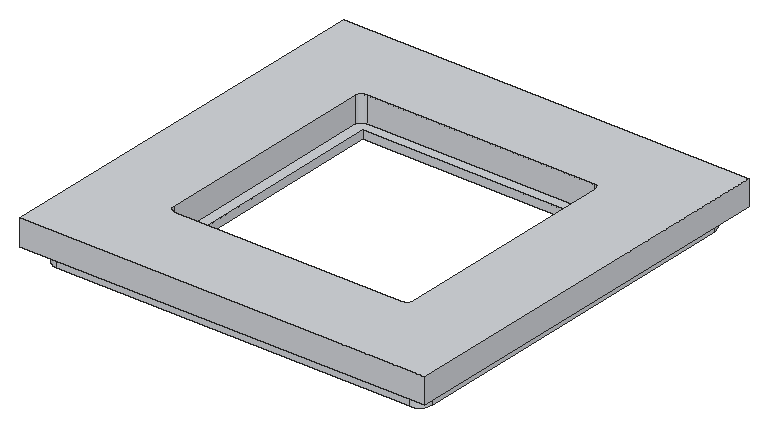
Revit family "Gira_021118", category Electrical Fixtures, host Face, Revit 2017
Family settings
  Host = Face
  Maintain Annotation Orientation = No
  Round Connector Dimension = Use Diameter
  Part Type = Normal
  Cut with Voids When Loaded = No
  Shared = No
  Room Calculation Point = No
Parameters (values of type "Abdeckrahmen 1f Gira Esprit G Mint")
  Werkstoffgüte = "Echtglas"
  Werkstoff = "Glas"
  URL = "http://katalog.gira.de/de_DE/datenblatt.html?artikelnr=021118"
  Transparent = "No"
  Textfeld/Beschriftungsfläche = "No"
  Schutzart (IP) = "IP20"
  Region = "DE"
  Oberfläche = "sonstige"
  Name = "Abdeckrahmen 1f Gira Esprit G Mint"
  Montagerichtung = "horizontal und vertikal"
  Mit Montagerahmen = "No"
  Mit Klappdeckel = "No"
  Manufacturer URL = "https://www.gira.de/"
  Keynote = "Espr._Rahmen_1fach"
  HeinzeBIM = "https://bimportal.heinze.de/bim/abdeckrahmen-1f-gira-esprit-g-mint/4a6d82098342aeee2c2295dfc8535e5c8e2b3826"
  Halogenfrei = "No"
  HAN = "021118"
  Geeignet für Unterputz-Installation = "Yes"
  Geeignet für Unterflurkanaldose = "No"
  Geeignet für Geräteeinbaukanal = "No"
  Geeignet für Einbauinstallation = "No"
  GTIN = "4010337211181"
  Farbe = "grün"
  Default Elevation = 1219.2 mm
  Data sheet (1) = "https://katalog.gira.de/de_DE/download.html?artikelnr=021118"
  Category = "Abdeckrahmen"
  Befestigungsart = "Klemmbefestigung"
  Available = "Yes"
  Anzahl der Einheiten vertikal = "1 "
  Anzahl der Einheiten horizontal = "1 "
  Anzahl der Einheiten = "1 "
Reference planes
  plane 1 "Center (Front/Back)": y = 0
  plane 2: z = 0
  plane 3 "Center (Left/Right)": x = 0
Forms (mm)
  Extrusion 1, solid, detail levels fine
    sketch origin (0, 0, 0) x (1, 0, 0) y (0, 1, 0)
      loop
        line (-47.5, 47.5) -> (-47.5, -47.5) -> (47.5, -47.5) -> (47.5, 47.5) -> (-47.5, 47.5)
      loop
        arc (-28.2, -26.7) -> (-27.761, -27.761) -> (-26.7, -28.2) r 1.5
        line (-26.7, -28.2) -> (26.7, -28.2)
        arc (26.7, -28.2) -> (27.761, -27.761) -> (28.2, -26.7) r 1.5
        line (28.2, -26.7) -> (28.2, 26.7)
        arc (28.2, 26.7) -> (27.761, 27.761) -> (26.7, 28.2) r 1.5
        line (26.7, 28.2) -> (-26.7, 28.2)
        arc (-26.7, 28.2) -> (-27.761, 27.761) -> (-28.2, 26.7) r 1.5
        line (-28.2, 26.7) -> (-28.2, -26.7)
    from 0 to 6
  Extrusion 2, solid, detail levels fine
    sketch origin (0, 0, 0) x (1, 0, 0) y (0, 1, 0)
      loop
        line (-25.7, -25.7) -> (25.7, -25.7) -> (25.7, 25.7) -> (-25.7, 25.7) -> (-25.7, -25.7)
      loop
        arc (-43.1, -41.3) -> (-42.573, -42.573) -> (-41.3, -43.1) r 1.8
        line (-41.3, -43.1) -> (41.3, -43.1)
        arc (41.3, -43.1) -> (42.573, -42.573) -> (43.1, -41.3) r 1.8
        line (43.1, -41.3) -> (43.1, 41.3)
        arc (43.1, 41.3) -> (42.573, 42.573) -> (41.3, 43.1) r 1.8
        line (41.3, 43.1) -> (-41.3, 43.1)
        arc (-41.3, 43.1) -> (-42.573, 42.573) -> (-43.1, 41.3) r 1.8
        line (-43.1, 41.3) -> (-43.1, -41.3)
    from -1.9 to 0
  Extrusion 3, solid, detail levels fine
    sketch origin (0, 0, 0) x (1, 0, 0) y (0, 1, 0)
      loop
        arc (-41.4, 44.4) -> (-43.521, 43.521) -> (-44.4, 41.4) r 3
        line (-44.4, 41.4) -> (-44.4, -41.4)
        arc (-44.4, -41.4) -> (-43.521, -43.521) -> (-41.4, -44.4) r 3
        line (-41.4, -44.4) -> (41.4, -44.4)
        arc (41.4, -44.4) -> (43.521, -43.521) -> (44.4, -41.4) r 3
        line (44.4, -41.4) -> (44.4, 41.4)
        arc (44.4, 41.4) -> (43.521, 43.521) -> (41.4, 44.4) r 3
        line (41.4, 44.4) -> (-41.4, 44.4)
      loop
        line (-43.1, 41.3) -> (-43.1, -41.3)
        arc (-43.1, -41.3) -> (-42.573, -42.573) -> (-41.3, -43.1) r 1.8
        line (-41.3, -43.1) -> (41.3, -43.1)
        arc (41.3, -43.1) -> (42.573, -42.573) -> (43.1, -41.3) r 1.8
        line (43.1, -41.3) -> (43.1, 41.3)
        arc (43.1, 41.3) -> (42.573, 42.573) -> (41.3, 43.1) r 1.8
        line (41.3, 43.1) -> (-41.3, 43.1)
        arc (-41.3, 43.1) -> (-42.573, 42.573) -> (-43.1, 41.3) r 1.8
    from -3.7 to 0
  Extrusion 4, solid, detail levels medium
    sketch origin (0, 0, 0) x (1, 0, 0) y (0, 1, 0)
      loop
        line (-47.5, 47.5) -> (-47.5, -47.5) -> (47.5, -47.5) -> (47.5, 47.5) -> (-47.5, 47.5)
    from 0 to 6
  Extrusion 5, solid, detail levels medium
    sketch origin (0, 0, 0) x (1, 0, 0) y (0, 1, 0)
      loop
        line (-44.4, 44.4) -> (-44.4, -44.4) -> (44.4, -44.4) -> (44.4, 44.4) -> (-44.4, 44.4)
    from -3.7 to 0
  Extrusion 6, solid, detail levels coarse
    sketch origin (0, 0, 0) x (1, 0, 0) y (0, 1, 0)
      loop
        line (-47.5, 47.5) -> (-47.5, -47.5) -> (47.5, -47.5) -> (47.5, 47.5) -> (-47.5, 47.5)
    from -3.7 to 6
Dimensions and locks
  aligned and locked: plane 2 to host face
  aligned and locked: level to host face
